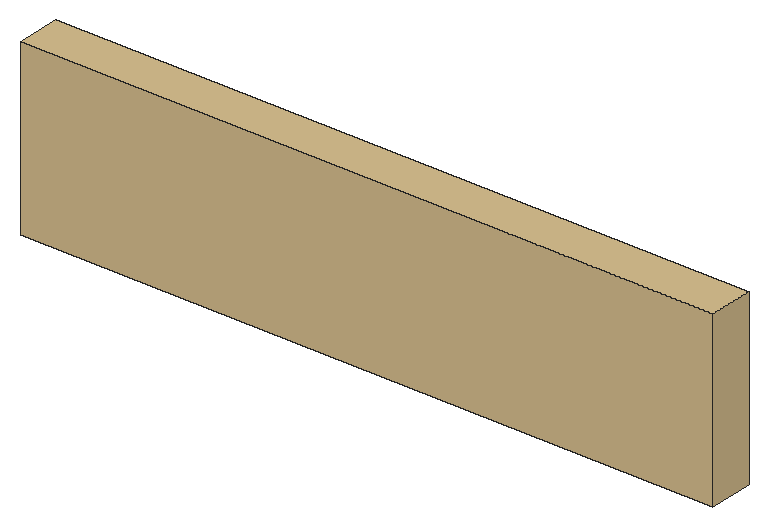
Revit family "M_Glulam-Espécies ocidentais", category Quadro estrutural, Revit 2019
Family settings
  Arredondamento do comprimento do framing estrutural = 0 mm
  Forma do corte = Não definido
  Material para o comportamento do modelo = Madeira
  Exportar sempre como geometria = Não
  Número OmniClass = 23.25.30.11.14.14
  Título OmniClass = Beams
  ID de item do Seek = Glulam-Western Species-0000-CAN-ENU
  Sempre na vertical = Sim
  Corte com vazios quando carregada = Não
  Representação simbólica = Das configurações de projeto
  Compartilhado = Não
  Exibir o pré-corte da família na vista da planta = Sim
Parameters (values of type "79X305")
  Structural Material [instance] = Madeira de Conífera, Madeira
  Length [instance] = 1524 mm
  b = 79 mm
  d = 305 mm
Types (3, lengths in mm): name | b | d
  (no name) | 79 | 305
  79X305 | 79 | 305
  130X381 | 130 | 381
Reference planes
  plane 1 "Centro (Frente/Trás)": y = 0
  plane 2: z = 0
  plane 3 "Centro (Esquerda/Direita)": x = 4.61
  plane 4 "Membro esquerdo": x = -604.99
  plane 5 "Membro direito": x = 614.21
  plane 6: y = 39.5
  plane 7: y = -39.5
  plane 8: z = 152.5
  plane 9: z = -152.5
  plane 10 "Esquerda": x = -757.39
  plane 11 "Símbolo esquerdo de verga": x = -452.59
  plane 12 "Símbolo direito de verga": x = 461.81
  plane 13 "Direita": x = 766.61
Forms (mm)
  Sweep 1, solid, material "Madeira de Conífera, Madeira" <- "Structural Material", detail levels medium+fine
    path origin (0, 0, 0) x (1, 0, 0) y (0, 1, 0)
      loop
        line (614.21, 0) -> (-604.99, 0)
    profile "M_Viga de madeira retangular-Perfil : M_Viga de madeira retangular-Perfil" origin (4.61, 0, 0) x (0, -1, 0) y (0, 0, 1)
      loop
        line (-39.5, -152.5) -> (39.5, -152.5) -> (39.5, 152.5) -> (-39.5, 152.5) -> (-39.5, -152.5)
Lines and regions (mm)
  symbolic lines, style "Símbolos de vara", detail levels coarse
    curve 1: line (4.61, 39.5, 152.5) -> (4.61, -39.5, 152.5)
    curve 2: line (4.61, -39.5, -152.5) -> (4.61, 39.5, -152.5)
    curve 3: line (4.61, -39.5, 152.5) -> (4.61, -39.5, -152.5)
    curve 4: line (4.61, 39.5, -152.5) -> (4.61, 39.5, 152.5)
Dimensions and locks
  "b": plane 6 to plane 7
  "d": plane 9 to plane 8
  equal spacing: plane 9, plane 2, plane 8
  equal spacing: plane 6, plane 1 "Centro (Frente/Trás)", plane 7
  "Length": plane 10 "Esquerda" to plane 13 "Direita"
  aligned and locked: Sweep 1 sketch curve to plane 1 "Centro (Frente/Trás)"
  aligned and locked: curve 1 to Sweep 1
  aligned and locked: curve 2 to Sweep 1
  aligned and locked: curve 3 to Sweep 1
  aligned and locked: curve 4 to Sweep 1
  aligned and locked: plane 4 "Membro esquerdo" to Sweep 1 sketch curve
  aligned and locked: plane 5 "Membro direito" to Sweep 1 sketch curve
